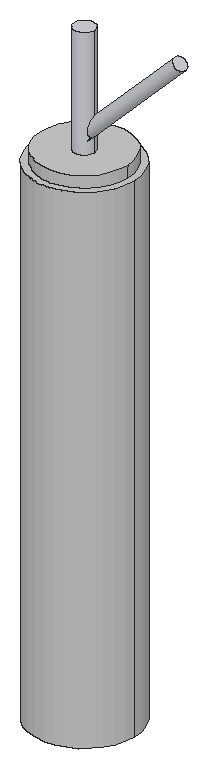
Revit family "STC_A3-Alice-Column-2", category Structural Columns, Revit 2016
Family settings
  Display in Hidden Views = Edges Hidden by Other Members
  Section Shape = Not Defined
  Material for Model Behavior = Concrete
  Always export as geometry = No
  Beam cutback in plan = From bounding box
  Cut with Voids When Loaded = No
  Symbolic Representation = From Family
  Shared = No
  Show family pre-cut in plan views = Yes
Parameters (values of type "750mm Alice Column")
  b-50 = b / 2 - 50 mm  # 325 mm
  b = 750 mm
  Structural Material [instance] = Concrete - Cast-in-Place Concrete
  HEIGHT = 816.372 mm
  Assembly Code = ""
Types (6, lengths in mm): name | b-50 | b | HEIGHT
  300mm Alice Column | 100 | 300 | 816.372
  450mm Alice Column | 175 | 450 | 816.372
  600mm Alice Column | 250 | 600 | 1500
  750mm Alice Column | 325 | 750 | 816.372
  350mm Alice Column | 125 | 350 | 816.372
  300mm 2 Alice Column | 100 | 300 | 1200
Reference planes
  plane 1 "Center (Front/Back)": y = 0
  plane 2: z = 0
  plane 3 "Center (Left/Right)": x = 0
  plane 4: x = -375
  plane 5: x = 375
  plane 6: y = 375
  plane 7: y = -375
  plane 8: z = 3725.12
  plane 9: z = 4626.493
  plane 10: z = 3910.12
Forms (mm)
  Extrusion 1, solid, material "Concrete - Cast-in-Place Concrete" <- "Structural Material"
    sketch origin (0, 0, 0) x (1, 0, 0) y (0, 1, 0)
      loop
        circle (0, 0) r 375
    from 0 to 3810.12
  Extrusion 2, void
    sketch origin (0, 0, 0) x (1, 0, 0) y (0, 1, 0)
      loop
        circle (0, 0) r 400
      loop
        circle (0, 0) r 325
    from 3725.12 to 3810.12
  Extrusion 3, solid
    sketch origin (0, 0, 0) x (1, 0, 0) y (0, 1, 0)
      loop
        circle (0, 0) r 75
    from 3810.12 to 4626.493
  Sweep 4, solid
    path origin (0, 0, 0) x (1, 0, 0) y (0, 0, 1)
      loop
        line (0, 3910.12) -> (716.372, 4626.493)
    profile origin (358.186, 0, 4268.306) x (-0.707107, 0, 0.707107) y (0, -1, 0)
      loop
        circle (0, 0) r 50
Cuts and joins
  Extrusion 2 cuts Extrusion 1
Dimensions and locks
  equal spacing: plane 4, plane 3 "Center (Left/Right)", plane 5
  equal spacing: plane 7, plane 1 "Center (Front/Back)", plane 6
  "b": plane 7 to plane 6
  "b": plane 4 to plane 5
  locked: plane 8 to level at 85
  "HEIGHT": level to plane 9
  locked: plane 10 to level at 100
  "b-50": radius of Extrusion 2 sketch curve
  locked: plane 10 to Sweep 4 sketch curve (angle 45.00°)
  aligned and locked: level to Extrusion 1
  aligned and locked: level to plane 2
  aligned and locked: Extrusion 1 to plane 2
  aligned and locked: cut or joined group of Extrusion 1, Extrusion 2 to level
  aligned and locked: Extrusion 2 to level
  aligned and locked: Extrusion 2 to plane 8
  aligned and locked: Extrusion 3 to level
  aligned and locked: plane 9 to Extrusion 3
  aligned and locked: plane 10 to Sweep 4 sketch curve
  aligned and locked: plane 9 to Sweep 4 sketch curve
Automatic sketch dimensions
  Extrusion 1 sketch curve to plane 1 "Center (Front/Back)" = 0 mm
  Extrusion 1 sketch curve to plane 4 = 0 mm
  Extrusion 1 sketch curve to plane 3 "Center (Left/Right)" = 0 mm
  Extrusion 2 sketch curve to Extrusion 2 sketch curve = 0 mm  (x2)
  Extrusion 2 sketch curve to plane 1 "Center (Front/Back)" = 0 mm
  Extrusion 2 sketch curve to plane 3 "Center (Left/Right)" = 0 mm
  Extrusion 3 sketch curve to plane 1 "Center (Front/Back)" = 0 mm
  Extrusion 3 sketch curve to plane 3 "Center (Left/Right)" = 0 mm
  Sweep 4 sketch curve to plane 1 "Center (Front/Back)" = 0 mm
  Sweep 4 sketch curve to profile plane = 0 mm
  Sweep 4 sketch curve to plane 3 "Center (Left/Right)" = 0 mm
  radius of Extrusion 2 sketch curve = 400 mm
  radius of Extrusion 3 sketch curve = 75 mm
  radius of Sweep 4 sketch curve = 50 mm
